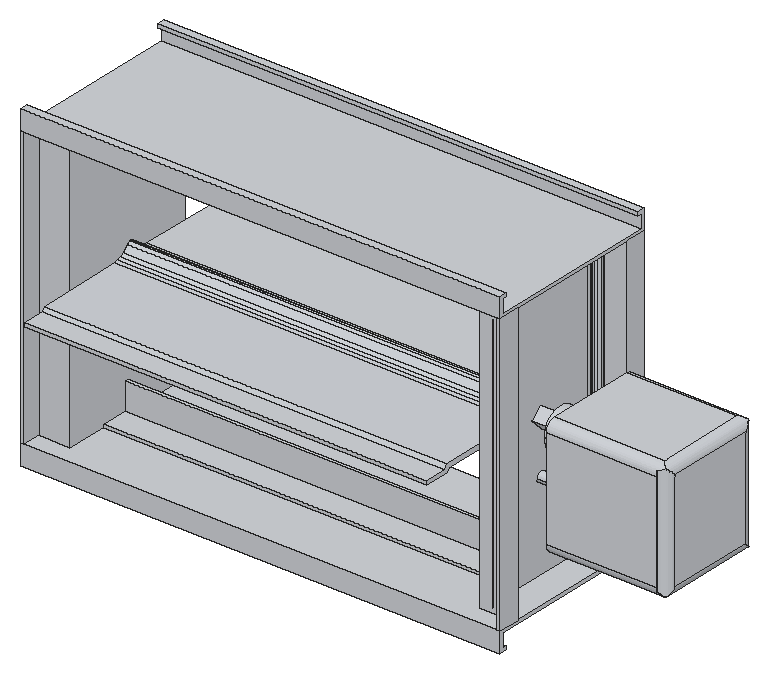
Revit family "CH-10", category Mechanical Equipment, Revit 2015
Parameters
  URL = "http://unitedenertech.com/catalog/pdf/G_2%20CH-10.pdf"
  Type Comments = "Max. Single Section Size is (24\"w x 12\"h)"
  Model = "CH-10"
  Manufacturer = "United Enertech Corporation"
  Keynote = "This model is only a representation of the product, blade position will vary from built dampers."
  Exact Width = 1' - 0"
  Exact Height = 0' - 8"
  Description = "Exhaust, O.A. Dampers"
  Blade Spacing = 0' - 6 1/4"
  BW [instance] = Exact Width - 0' 1 15/16"  # 0' - 10 1/16"
Reference planes (in)
  plane 1 "Center (Front/Back)": y = 0
  plane 2: z = 0
  plane 3 "Center (Left/Right)": x = 0
  plane 4: x = -6
  plane 5: x = 6
  plane 6: z = 8
  plane 7: z = 0.5
  plane 8: z = 7.5
  plane 9: x = -5.125
  plane 10: x = 5.125
  plane 11: z = 4
  plane 12: x = 6.455
  plane 13: z = 4.95446
Forms (in)
  Extrusion 1, solid
    sketch origin (-10.94563, 56.53311, 0) x (0, 1, 0) y (-1, 0, 0)
      loop
        line (-56.53311, -5.02563) -> (-56.07011, -5.02563) -> (-56.07011, -5.82063) -> (-52.49611, -5.82063) -> (-52.49611, -5.02563) -> (-52.03311, -5.02563) -> (-52.03311, -4.94563) -> (-52.57611, -4.94563) -> (-52.57611, -5.53484) -> (-52.61757, -5.48351) -> (-52.6794, -5.43952) -> (-52.75426, -5.41946) -> (-52.77072, -5.51067)
        arc (-52.77072, -5.51067) -> (-52.68095, -5.63288) -> (-52.81664, -5.56518) r 0.078
        line (-52.81664, -5.56518) -> (-52.90129, -5.5733) -> (-52.87778, -5.66104) -> (-52.8428, -5.70313) -> (-52.79089, -5.74063) -> (-55.76027, -5.74063) -> (-55.71053, -5.69088) -> (-55.67609, -5.63368) -> (-55.67078, -5.55421) -> (-55.75297, -5.55421)
        arc (-55.75297, -5.55421) -> (-55.87883, -5.63965) -> (-55.80226, -5.5082) r 0.078
        line (-55.80226, -5.5082) -> (-55.81534, -5.4232) -> (-55.90864, -5.4482) -> (-55.94901, -5.48396) -> (-55.99011, -5.54884) -> (-55.99011, -4.94563) -> (-56.53311, -4.94563) -> (-56.53311, -5.02563)
    from 0.5 to 7.5
  Extrusion 2, solid
    sketch origin (10.94563, 56.53311, 0) x (0, 1, 0) y (-1, 0, 0)
      loop
        line (-56.53311, 5.02563) -> (-56.53311, 4.94563) -> (-55.99011, 4.94563) -> (-55.99011, 5.54884) -> (-55.94901, 5.48396) -> (-55.90864, 5.4482) -> (-55.81534, 5.4232) -> (-55.80226, 5.5082)
        arc (-55.80226, 5.5082) -> (-55.87883, 5.63965) -> (-55.75297, 5.55421) r 0.078
        line (-55.75297, 5.55421) -> (-55.67078, 5.55421) -> (-55.67609, 5.63368) -> (-55.71053, 5.69088) -> (-55.76027, 5.74063) -> (-52.79089, 5.74063) -> (-52.8428, 5.70313) -> (-52.87778, 5.66104) -> (-52.90129, 5.5733) -> (-52.81664, 5.56518)
        arc (-52.81664, 5.56518) -> (-52.68095, 5.63288) -> (-52.77072, 5.51067) r 0.078
        line (-52.77072, 5.51067) -> (-52.75426, 5.41946) -> (-52.6794, 5.43952) -> (-52.61757, 5.48351) -> (-52.57611, 5.53484) -> (-52.57611, 4.94563) -> (-52.03311, 4.94563) -> (-52.03311, 5.02563) -> (-52.49611, 5.02563) -> (-52.49611, 5.82063) -> (-56.07011, 5.82063) -> (-56.07011, 5.02563) -> (-56.53311, 5.02563)
    from 0.5 to 7.5
  Extrusion 3, solid
    sketch origin (-23.46325, -52.03311, -12.20737) x (0, -1, 0) y (0, 0, 1)
      loop
        line (-56.34511, 12.28737) -> (-56.45311, 12.28737) -> (-56.45311, 12.62737) -> (-52.11311, 12.62737) -> (-52.11311, 12.28737) -> (-52.22111, 12.28737) -> (-52.22111, 12.20737) -> (-52.03311, 12.20737) -> (-52.03311, 12.70737) -> (-56.53311, 12.70737) -> (-56.53311, 12.20737) -> (-56.34511, 12.20737) -> (-56.34511, 12.28737)
    from -29.46325 to -17.46325
  Extrusion 4, solid
    sketch origin (-35.31788, -52.03311, 54.20737) x (0, -1, 0) y (0, 0, -1)
      loop
        line (-56.34511, 46.28737) -> (-56.45311, 46.28737) -> (-56.45311, 46.62737) -> (-52.11311, 46.62737) -> (-52.11311, 46.28737) -> (-52.22111, 46.28737) -> (-52.22111, 46.20737) -> (-52.03311, 46.20737) -> (-52.03311, 46.70737) -> (-56.53311, 46.70737) -> (-56.53311, 46.20737) -> (-56.34511, 46.20737) -> (-56.34511, 46.28737)
    from 29.31788 to 41.31788
  Extrusion 5, solid
    sketch origin (-54.80861, -46.85261, 19.59636) x (0, -1, 0) y (0, 0, -1)
      loop
        line (-49.18361, 12.59536) -> (-49.18361, 12.09636) -> (-48.43361, 12.09636) -> (-48.43361, 12.17636) -> (-49.10261, 12.17636) -> (-49.10261, 12.59536) -> (-49.18361, 12.59536)
    from 49.68361 to 59.93361
  Extrusion 6, solid
    sketch origin (0, 7.30319, -4.76393) x (0, 1, 0) y (0, 0, 1)
      loop
        line (-5.05319, 5.26393) -> (-5.05319, 6.0212) -> (-5.13572, 6.0212) -> (-5.13572, 5.34205) -> (-5.80319, 5.34205) -> (-5.80319, 5.26393) -> (-5.05319, 5.26393)
    from -5.125 to 5.125
Dimensions and locks (in)
  equal spacing: plane 4, plane 3 "Center (Left/Right)", plane 5
  "Exact Width": plane 4 to plane 5
  "Exact Height": plane 6 to level
  locked: plane 7 to level at 0.5
  locked: plane 6 to plane 8 at 0.5
  locked: plane 4 to plane 9 at 0.875
  locked: plane 10 to plane 5 at 0.875
  locked: plane 5 to plane 12 at 0.455
  equal spacing: plane 6, plane 11, level
  locked: plane 13 to plane 11 at 0.95446
  aligned and locked: level to plane 2
  aligned and locked: Extrusion 1 to plane 7
  aligned and locked: Extrusion 2 to plane 7
  aligned and locked: plane 5 to Extrusion 3
  aligned and locked: plane 4 to Extrusion 3
  aligned and locked: plane 6 to Extrusion 4
  aligned and locked: plane 5 to Extrusion 4
  aligned and locked: plane 4 to Extrusion 4
  aligned and locked: plane 8 to Extrusion 1
  aligned and locked: plane 8 to Extrusion 2
  aligned and locked: Extrusion 5 to Extrusion 4
  aligned and locked: plane 10 to Extrusion 5
  aligned and locked: Extrusion 5 to plane 9
  aligned and locked: plane 3 "Center (Left/Right)" to nested 1
  aligned and locked: plane 11 to nested 1  (x2)
  aligned and locked: plane 10 to Extrusion 6
  aligned and locked: Extrusion 6 to plane 9
  aligned and locked: nested 2 to plane 12
  aligned and locked: plane 13 to nested 2
Automatic sketch dimensions
  plane 1 "Center (Front/Back)" to Extrusion 1 sketch curve = 0' - 0"
  Extrusion 1 sketch curve to plane 9 = 0' - 0"
  Extrusion 1 sketch curve to plane 4 = 0' - 0"  (x2)
  Extrusion 1 sketch curve to plane 4 = 0' - 0.08"  (x2)
  Extrusion 1 sketch curve to plane 1 "Center (Front/Back)" = 0' - 0.463"
  Extrusion 1 sketch curve to Extrusion 1 sketch curve = 0' - 0.08"  (x2)
  Extrusion 1 sketch curve to Extrusion 1 sketch curve = 0' - 0.0411"
  Extrusion 1 sketch curve to Extrusion 1 sketch curve = 0' - 0.04037"
  Extrusion 1 sketch curve to Extrusion 1 sketch curve = 0' - 0.08303"
  Extrusion 1 sketch curve to Extrusion 1 sketch curve = 0' - 0.0933"
  Extrusion 1 sketch curve to plane 9 = 0' - 0.31242"
  Extrusion 1 sketch curve to Extrusion 1 sketch curve = 0' - 0.02335"
  Extrusion 1 sketch curve to plane 9 = 0' - 0.08"
  Extrusion 1 sketch curve to Extrusion 1 sketch curve = 0' - 0.06534"
  Extrusion 1 sketch curve to Extrusion 1 sketch curve = 0' - 0.04929"
  Extrusion 1 sketch curve to plane 9 = 0' - 0.12974"
  Extrusion 1 sketch curve to Extrusion 1 sketch curve = 0' - 0.04974"
  Extrusion 1 sketch curve to plane 9 = 0' - 0.18694"
  Extrusion 1 sketch curve to Extrusion 1 sketch curve = 0' - 0.03444"
  Extrusion 1 sketch curve to Extrusion 1 sketch curve = 0' - 0.00531"
  Extrusion 1 sketch curve to plane 9 = 0' - 0.24733"
  Extrusion 1 sketch curve to Extrusion 1 sketch curve = 0' - 2.76949"
  Extrusion 1 sketch curve to plane 9 = 0' - 0.15959"
  Extrusion 1 sketch curve to Extrusion 1 sketch curve = 0' - 0.02351"
  Extrusion 1 sketch curve to plane 9 = 0' - 0.11749"
  Extrusion 1 sketch curve to Extrusion 1 sketch curve = 0' - 0.03498"
  Extrusion 1 sketch curve to plane 9 = 0' - 0.25544"
  Extrusion 1 sketch curve to Extrusion 1 sketch curve = 0' - 0.08465"
  Extrusion 1 sketch curve to Extrusion 1 sketch curve = 0' - 0.05191"
  Extrusion 1 sketch curve to plane 9 = 0' - 0.30996"
  Extrusion 1 sketch curve to Extrusion 1 sketch curve = 0' - 0.04592"
  Extrusion 1 sketch curve to plane 9 = 0' - 0.40116"
  Extrusion 1 sketch curve to Extrusion 1 sketch curve = 0' - 0.01646"
  Extrusion 1 sketch curve to Extrusion 1 sketch curve = 0' - 0.03011"
  Extrusion 1 sketch curve to plane 9 = 0' - 0.3811"
  Extrusion 1 sketch curve to Extrusion 1 sketch curve = 0' - 0.07486"
  Extrusion 1 sketch curve to plane 9 = 0' - 0.33712"
  Extrusion 1 sketch curve to Extrusion 1 sketch curve = 0' - 0.06183"
  Extrusion 1 sketch curve to Extrusion 1 sketch curve = 0' - 0.04146"
  Extrusion 1 sketch curve to Extrusion 1 sketch curve = 0' - 0.463"
  Extrusion 1 sketch curve to Extrusion 1 sketch curve = 0' - 0.07442"
  Extrusion 1 sketch curve to Extrusion 1 sketch curve = 0' - 0.03378"
  Extrusion 1 sketch curve to Extrusion 1 sketch curve = 0' - 0.05133"
  Extrusion 1 sketch curve to Extrusion 1 sketch curve = 0' - 0.06488"
  Extrusion 1 sketch curve to Extrusion 1 sketch curve = 0' - 0.03576"
  Extrusion 1 sketch curve to Extrusion 1 sketch curve = 0' - 0.085"
  plane 1 "Center (Front/Back)" to Extrusion 2 sketch curve = 0' - 0"
  Extrusion 2 sketch curve to plane 10 = 0' - 0"
  Extrusion 2 sketch curve to plane 5 = 0' - 0"  (x2)
  plane 5 to Extrusion 2 sketch curve = 0' - 0.08"  (x2)
  Extrusion 2 sketch curve to Extrusion 2 sketch curve = 0' - 0.463"  (x2)
  Extrusion 2 sketch curve to Extrusion 2 sketch curve = 0' - 0.08"  (x2)
  Extrusion 2 sketch curve to Extrusion 2 sketch curve = 0' - 0.0411"
  Extrusion 2 sketch curve to Extrusion 2 sketch curve = 0' - 0.04037"
  Extrusion 2 sketch curve to Extrusion 2 sketch curve = 0' - 0.08303"
  Extrusion 2 sketch curve to Extrusion 2 sketch curve = 0' - 0.0933"
  Extrusion 2 sketch curve to plane 10 = 0' - 0.31242"
  Extrusion 2 sketch curve to Extrusion 2 sketch curve = 0' - 0.02335"
  Extrusion 2 sketch curve to plane 10 = 0' - 0.08"
  Extrusion 2 sketch curve to Extrusion 2 sketch curve = 0' - 0.06534"
  Extrusion 2 sketch curve to Extrusion 2 sketch curve = 0' - 0.04929"
  Extrusion 2 sketch curve to plane 10 = 0' - 0.12974"
  Extrusion 2 sketch curve to Extrusion 2 sketch curve = 0' - 0.04974"
  Extrusion 2 sketch curve to plane 10 = 0' - 0.18694"
  Extrusion 2 sketch curve to Extrusion 2 sketch curve = 0' - 0.03444"
  Extrusion 2 sketch curve to Extrusion 2 sketch curve = 0' - 0.00531"
  Extrusion 2 sketch curve to plane 10 = 0' - 0.24733"
  Extrusion 2 sketch curve to Extrusion 2 sketch curve = 0' - 2.76949"
  Extrusion 2 sketch curve to plane 10 = 0' - 0.15959"
  Extrusion 2 sketch curve to Extrusion 2 sketch curve = 0' - 0.02351"
  Extrusion 2 sketch curve to plane 10 = 0' - 0.11749"
  Extrusion 2 sketch curve to Extrusion 2 sketch curve = 0' - 0.03498"
  Extrusion 2 sketch curve to plane 10 = 0' - 0.25544"
  Extrusion 2 sketch curve to Extrusion 2 sketch curve = 0' - 0.08465"
  Extrusion 2 sketch curve to Extrusion 2 sketch curve = 0' - 0.05191"
  Extrusion 2 sketch curve to plane 10 = 0' - 0.30996"
  Extrusion 2 sketch curve to Extrusion 2 sketch curve = 0' - 0.04592"
  Extrusion 2 sketch curve to plane 10 = 0' - 0.40116"
  Extrusion 2 sketch curve to Extrusion 2 sketch curve = 0' - 0.01646"
  Extrusion 2 sketch curve to Extrusion 2 sketch curve = 0' - 0.07602"
  Extrusion 2 sketch curve to plane 10 = 0' - 0.3811"
  Extrusion 2 sketch curve to Extrusion 2 sketch curve = 0' - 0.07486"
  Extrusion 2 sketch curve to plane 10 = 0' - 0.33712"
  Extrusion 2 sketch curve to Extrusion 2 sketch curve = 0' - 0.06183"
  Extrusion 2 sketch curve to Extrusion 2 sketch curve = 0' - 0.04146"
  Extrusion 2 sketch curve to Extrusion 2 sketch curve = 0' - 0.07442"
  Extrusion 2 sketch curve to Extrusion 2 sketch curve = 0' - 0.03378"
  Extrusion 2 sketch curve to Extrusion 2 sketch curve = 0' - 0.05133"
  Extrusion 2 sketch curve to Extrusion 2 sketch curve = 0' - 0.06488"
  Extrusion 2 sketch curve to Extrusion 2 sketch curve = 0' - 0.03576"
  Extrusion 2 sketch curve to Extrusion 2 sketch curve = 0' - 0.085"
  Extrusion 3 sketch curve to level = 0' - 0"  (x2)
  Extrusion 3 sketch curve to plane 7 = 0' - 0"
  Extrusion 3 sketch curve to plane 1 "Center (Front/Back)" = 0' - 0"
  Extrusion 3 sketch curve to plane 1 "Center (Front/Back)" = 0' - 0.08"
  Extrusion 3 sketch curve to Extrusion 3 sketch curve = 0' - 0.108"  (x2)
  Extrusion 3 sketch curve to Extrusion 3 sketch curve = 0' - 4.124"
  Extrusion 3 sketch curve to plane 7 = 0' - 0.08"
  Extrusion 3 sketch curve to Extrusion 3 sketch curve = 0' - 0.08"
  level to Extrusion 3 sketch curve = 0' - 0.08"  (x2)
  plane 8 to Extrusion 4 sketch curve = 0' - 0"
  Extrusion 4 sketch curve to plane 6 = 0' - 0"  (x2)
  Extrusion 4 sketch curve to plane 1 "Center (Front/Back)" = 0' - 0"
  Extrusion 4 sketch curve to plane 1 "Center (Front/Back)" = 0' - 0.08"
  Extrusion 4 sketch curve to Extrusion 4 sketch curve = 0' - 0.108"  (x2)
  Extrusion 4 sketch curve to plane 6 = 0' - 0.08"  (x2)
  Extrusion 4 sketch curve to Extrusion 4 sketch curve = 0' - 4.124"
  Extrusion 4 sketch curve to Extrusion 4 sketch curve = 0' - 0.08"
  plane 8 to Extrusion 4 sketch curve = 0' - 0.08"
  plane 7 to Extrusion 5 sketch curve = 0' - 7"
  Extrusion 5 sketch curve to plane 1 "Center (Front/Back)" = 0' - 2.331"
  Extrusion 5 sketch curve to Extrusion 5 sketch curve = 0' - 0.081"
  Extrusion 5 sketch curve to Extrusion 5 sketch curve = 0' - 0.669"
  Extrusion 5 sketch curve to Extrusion 5 sketch curve = 0' - 0.08"
  Extrusion 5 sketch curve to Extrusion 5 sketch curve = 0' - 0.419"
  Extrusion 6 sketch curve to plane 1 "Center (Front/Back)" = 0' - 2.16746"
  Extrusion 6 sketch curve to Extrusion 6 sketch curve = 0' - 0.08254"
  Extrusion 6 sketch curve to Extrusion 6 sketch curve = 0' - 0 5/64"
  Extrusion 6 sketch curve to Extrusion 6 sketch curve = 0' - 0.67915"
  Extrusion 6 sketch curve to Extrusion 6 sketch curve = 0' - 0.66746"
  Extrusion 6 sketch curve to plane 7 = 0' - 0"
Nested families (in)
  nested 1: "CDBLADE" at (0, -2.64852, -1.94525), type "CDBLADE"
    with Blade Width 0' - 10 1/16"
  nested 2: "CH-10 Actuator" at (6.455, -14.38552, -1.02763), type "CH-10 Actuator"
Definition of nested family "CDBLADE"
  Parameters (values of type "CDBLADE")
    Blade Width = 2' - 0"
  Reference planes (in)
    plane 1 "Center (Front/Back)": y = 0
    plane 2: z = 0
    plane 3 "Center (Left/Right)": x = 0
    plane 4: x = -12
    plane 5: x = 12
    plane 6: x = 13
    plane 7: x = 10
    plane 8: x = -10
    plane 9: x = -13
  Forms (in)
    Extrusion 1, solid
      sketch origin (-4.01787, 39.3726, 0.84574) x (0, 1, 0) y (0, 0, 1)
        loop
          line (-34.73332, 5.15315) -> (-34.47458, 4.89351) -> (-34.21494, 5.15234) -> (-34.47408, 5.41148) -> (-34.73332, 5.15315)
      from 14.01787 to 17.01787
    Extrusion 2, solid
      sketch origin (-4.01787, -27.59093, -0.63909) x (0, -1, 0) y (0, 0, -1)
        loop
          line (-35.80383, -6.69185) -> (-35.80383, -6.77356) -> (-35.19434, -6.77356) -> (-35.13423, -6.68767) -> (-32.97747, -6.69982) -> (-32.83541, -6.72864) -> (-32.73109, -6.79397) -> (-32.56192, -6.96162) -> (-32.49539, -6.99587) -> (-32.43982, -6.98181) -> (-32.38723, -6.93174) -> (-32.25542, -6.79981) -> (-32.17789, -6.744) -> (-32.09104, -6.71015) -> (-31.98943, -6.69867) -> (-29.80199, -6.67883) -> (-29.73737, -6.58434) -> (-29.17594, -6.58434) -> (-29.17594, -6.49977) -> (-29.78569, -6.49977) -> (-29.84356, -6.5857) -> (-32.02043, -6.57341) -> (-32.24214, -6.52605) -> (-32.26394, -6.60365) -> (-32.23071, -6.63677) -> (-32.48945, -6.89631) -> (-32.74909, -6.63757) -> (-32.49035, -6.37794) -> (-32.41459, -6.45346) -> (-32.34512, -6.38399) -> (-32.42473, -6.30635) -> (-32.5126, -6.28231) -> (-32.57292, -6.32333) -> (-32.71384, -6.46424) -> (-32.7897, -6.52327) -> (-32.8836, -6.56221) -> (-32.98369, -6.5746) -> (-35.17817, -6.59456) -> (-35.24451, -6.69185) -> (-35.80383, -6.69185)
      from -7.98213 to 16.01787
    Extrusion 3, solid
      sketch origin (-13.76787, -29.57556, 0.84574) x (0, -1, 0) y (0, 0, -1)
        loop
          line (-34.73332, -5.15315) -> (-34.47408, -5.41148) -> (-34.21494, -5.15234) -> (-34.47458, -4.89351) -> (-34.73332, -5.15315)
      from 0.76787 to 3.76787
  Dimensions and locks (in)
    equal spacing: plane 4, plane 3 "Center (Left/Right)", plane 5
    "Blade Width": plane 4 to plane 5
    locked: plane 9 to plane 4 at 1
    locked: plane 4 to plane 8 at 2
    locked: plane 7 to plane 5 at 2
    locked: plane 5 to plane 6 at 1
    aligned and locked: level to plane 2
    aligned and locked: Extrusion 1 to plane 6
    aligned and locked: plane 7 to Extrusion 1
    aligned and locked: plane 9 to Extrusion 3
    aligned and locked: Extrusion 3 to plane 8
    aligned and locked: plane 5 to Extrusion 2
    aligned and locked: plane 4 to Extrusion 2
  Automatic sketch dimensions
    Extrusion 1 sketch curve to plane 1 "Center (Front/Back)" = 0' - 4.63929"
    Extrusion 1 sketch curve to Extrusion 1 sketch curve = 0' - 0.25873"
    Extrusion 1 sketch curve to Extrusion 1 sketch curve = 0' - 0.25923"
    Extrusion 1 sketch curve to Extrusion 1 sketch curve = 0' - 0.25914"
    level to Extrusion 1 sketch curve = 0' - 5.73925"
    Extrusion 1 sketch curve to Extrusion 1 sketch curve = 0' - 0.25883"
    Extrusion 1 sketch curve to Extrusion 1 sketch curve = 0' - 0.25964"
    Extrusion 2 sketch curve to plane 1 "Center (Front/Back)" = 0' - 8.2129"
    Extrusion 2 sketch curve to Extrusion 2 sketch curve = 0' - 0.55932"
    Extrusion 2 sketch curve to Extrusion 2 sketch curve = 0' - 0.05017"
    Extrusion 2 sketch curve to Extrusion 2 sketch curve = 0' - 0.06634"
    Extrusion 2 sketch curve to Extrusion 2 sketch curve = 0' - 0.04394"
    Extrusion 2 sketch curve to Extrusion 2 sketch curve = 0' - 2.15054"
    Extrusion 2 sketch curve to Extrusion 2 sketch curve = 0' - 0.00621"
    Extrusion 2 sketch curve to Extrusion 2 sketch curve = 0' - 0.10009"
    Extrusion 2 sketch curve to Extrusion 2 sketch curve = 0' - 0.14206"
    Extrusion 2 sketch curve to Extrusion 2 sketch curve = 0' - 0.0939"
    Extrusion 2 sketch curve to Extrusion 2 sketch curve = 0' - 0.04061"
    Extrusion 2 sketch curve to Extrusion 2 sketch curve = 0' - 0.10431"
    Extrusion 2 sketch curve to Extrusion 2 sketch curve = 0' - 0.07586"
    Extrusion 2 sketch curve to Extrusion 2 sketch curve = 0' - 0.14092"
    Extrusion 2 sketch curve to Extrusion 2 sketch curve = 0' - 0.16917"
    Extrusion 2 sketch curve to Extrusion 2 sketch curve = 0' - 0.06032"
    Extrusion 2 sketch curve to Extrusion 2 sketch curve = 0' - 0.06653"
    Extrusion 2 sketch curve to Extrusion 2 sketch curve = 0' - 0.02225"
    Extrusion 2 sketch curve to Extrusion 2 sketch curve = 0' - 0.07248"
    Extrusion 2 sketch curve to Extrusion 2 sketch curve = 0' - 0.05557"
    Extrusion 2 sketch curve to Extrusion 2 sketch curve = 0' - 0.08788"
    Extrusion 2 sketch curve to Extrusion 2 sketch curve = 0' - 0.07576"
    Extrusion 2 sketch curve to Extrusion 2 sketch curve = 0' - 0.0526"
    Extrusion 2 sketch curve to Extrusion 2 sketch curve = 0' - 0.06947"  (x2)
    Extrusion 2 sketch curve to Extrusion 2 sketch curve = 0' - 0.15066"
    Extrusion 2 sketch curve to Extrusion 2 sketch curve = 0' - 0.1318"
    Extrusion 2 sketch curve to Extrusion 2 sketch curve = 0' - 0.0218"
    Extrusion 2 sketch curve to Extrusion 2 sketch curve = 0' - 0.03322"
    Extrusion 2 sketch curve to Extrusion 2 sketch curve = 0' - 0.07753"
    Extrusion 2 sketch curve to Extrusion 2 sketch curve = 0' - 0.08685"
    Extrusion 2 sketch curve to Extrusion 2 sketch curve = 0' - 0.0706"
    Extrusion 2 sketch curve to Extrusion 2 sketch curve = 0' - 0.1016"
    Extrusion 2 sketch curve to Extrusion 2 sketch curve = 0' - 2.14587"
    Extrusion 2 sketch curve to Extrusion 2 sketch curve = 0' - 0.04157"
    Extrusion 2 sketch curve to Extrusion 2 sketch curve = 0' - 0.05787"
    Extrusion 2 sketch curve to Extrusion 2 sketch curve = 0' - 0.04833"
    Extrusion 2 sketch curve to Extrusion 2 sketch curve = 0' - 0.56142"
    level to Extrusion 2 sketch curve = 0' - 6.35678"
    Extrusion 2 sketch curve to Extrusion 2 sketch curve = 0' - 0.01406"
    Extrusion 2 sketch curve to Extrusion 2 sketch curve = 0' - 0.03425"
    Extrusion 2 sketch curve to Extrusion 2 sketch curve = 0' - 0.05007"
    Extrusion 2 sketch curve to Extrusion 2 sketch curve = 0' - 0.06531"
    Extrusion 2 sketch curve to Extrusion 2 sketch curve = 0' - 0.13193"
    Extrusion 2 sketch curve to Extrusion 2 sketch curve = 0' - 0.16765"
    Extrusion 2 sketch curve to Extrusion 2 sketch curve = 0' - 0.02041"
    Extrusion 2 sketch curve to Extrusion 2 sketch curve = 0' - 0.05581"
    Extrusion 2 sketch curve to Extrusion 2 sketch curve = 0' - 0.06533"
    Extrusion 2 sketch curve to Extrusion 2 sketch curve = 0' - 0.03385"
    Extrusion 2 sketch curve to Extrusion 2 sketch curve = 0' - 0.02882"
    Extrusion 2 sketch curve to Extrusion 2 sketch curve = 0' - 0.01149"
    Extrusion 2 sketch curve to Extrusion 2 sketch curve = 0' - 0.08171"
    Extrusion 2 sketch curve to Extrusion 2 sketch curve = 0' - 0.08589"
    Extrusion 2 sketch curve to Extrusion 2 sketch curve = 0' - 0.01983"
    Extrusion 2 sketch curve to Extrusion 2 sketch curve = 0' - 0.09106"
    Extrusion 2 sketch curve to Extrusion 2 sketch curve = 0' - 0.10723"
    Extrusion 2 sketch curve to Extrusion 2 sketch curve = 0' - 0.03312"
    Extrusion 2 sketch curve to Extrusion 2 sketch curve = 0' - 0.09311"
    Extrusion 2 sketch curve to Extrusion 2 sketch curve = 0' - 0.09314"
    Extrusion 2 sketch curve to Extrusion 2 sketch curve = 0' - 0.09449"
    Extrusion 2 sketch curve to Extrusion 2 sketch curve = 0' - 0.12522"
    Extrusion 2 sketch curve to Extrusion 2 sketch curve = 0' - 0.12526"
    Extrusion 2 sketch curve to Extrusion 2 sketch curve = 0' - 0.01239"
    Extrusion 2 sketch curve to Extrusion 2 sketch curve = 0' - 0.0776"
    Extrusion 2 sketch curve to Extrusion 2 sketch curve = 0' - 0.03894"
    Extrusion 2 sketch curve to Extrusion 2 sketch curve = 0' - 0.08457"
    Extrusion 2 sketch curve to Extrusion 2 sketch curve = 0' - 0.05902"
    Extrusion 2 sketch curve to Extrusion 2 sketch curve = 0' - 0.07552"
    Extrusion 2 sketch curve to Extrusion 2 sketch curve = 0' - 0.05461"
    Extrusion 2 sketch curve to Extrusion 2 sketch curve = 0' - 0.07159"
    Extrusion 2 sketch curve to Extrusion 2 sketch curve = 0' - 0.04101"
    Extrusion 3 sketch curve to plane 1 "Center (Front/Back)" = 0' - 5.15775"
    Extrusion 3 sketch curve to Extrusion 3 sketch curve = 0' - 0.25873"
    Extrusion 3 sketch curve to Extrusion 3 sketch curve = 0' - 0.25923"
    Extrusion 3 sketch curve to Extrusion 3 sketch curve = 0' - 0.25914"  (x2)
    level to Extrusion 3 sketch curve = 0' - 6.25722"
    Extrusion 3 sketch curve to Extrusion 3 sketch curve = 0' - 0.25833"
Definition of nested family "CH-10 Actuator"
  Reference planes (in)
    plane 1 "Center (Front/Back)": y = 0
    plane 2: z = 0
    plane 3 "Center (Left/Right)": x = 0
  Forms (in)
    Extrusion 1, solid
      sketch origin (0, 0, 0) x (0, 1, 0) y (0, 0, 1)
        loop
          arc (18.01994, 5.73209) -> (17.94672, 5.90887) -> (17.76994, 5.98209) r 0.25
          line (17.76994, 5.98209) -> (15.51994, 5.98209)
          arc (15.51994, 5.98209) -> (15.34317, 5.90887) -> (15.26994, 5.73209) r 0.25
          line (15.26994, 5.73209) -> (15.26994, 3.23209)
          arc (15.26994, 3.23209) -> (15.34317, 3.05531) -> (15.51994, 2.98209) r 0.25
          line (15.51994, 2.98209) -> (17.76994, 2.98209)
          arc (17.76994, 2.98209) -> (17.94672, 3.05531) -> (18.01994, 3.23209) r 0.25
          line (18.01994, 3.23209) -> (18.01994, 5.73209)
      from 0 to 3
    Extrusion 2, solid
      sketch origin (0, 0, 0) x (0, 1, 0) y (0, 0, 1)
        loop
          circle (16.64494, 4.98209) r 0.5
        loop
          circle (16.64494, 4.98209) r 0.25
      from 0 to -0.75
    Extrusion 3, solid
      sketch origin (0, 0, 0) x (0, 1, 0) y (0, 0, 1)
        loop
          circle (16.64494, 3.73209) r 0.125
      from 0 to -1.25
    Extrusion 4, void
      sketch origin (-4.56006, 0, 0) x (1, 0, 0) y (0, 1, 0)
        loop
          arc (7.31006, 17.99501) -> (7.48683, 17.92179) -> (7.56006, 17.74501) r 0.25
          line (7.56006, 17.74501) -> (8.56006, 17.74501) -> (8.56006, 18.99501) -> (7.31006, 18.99501) -> (7.31006, 17.99501)
      from 6.93254 to -1.25
    Extrusion 5, void
      sketch origin (-4.56006, 33.28989, 0) x (1, 0, 0) y (0, 1, 0)
        loop
          line (7.31006, -17.99501) -> (7.31006, -18.99501) -> (8.56006, -18.99501) -> (8.56006, -17.74501) -> (7.56006, -17.74501)
          arc (7.56006, -17.74501) -> (7.48683, -17.92179) -> (7.31006, -17.99501) r 0.25
      from 6.93254 to -1.25
    Extrusion 6, void
      sketch origin (-4.56006, 14.32271, -12.01292) x (1, 0, 0) y (0, 0, -1)
        loop
          line (7.31006, -17.99501) -> (7.31006, -18.99501) -> (8.56006, -18.99501) -> (8.56006, -17.74501) -> (7.56006, -17.74501)
          arc (7.56006, -17.74501) -> (7.48683, -17.92179) -> (7.31006, -17.99501) r 0.25
      from 6.93254 to -1.25
    Extrusion 7, void
      sketch origin (-4.56006, 14.32271, 20.9771) x (1, 0, 0) y (0, 0, -1)
        loop
          arc (7.31006, 17.99501) -> (7.48683, 17.92179) -> (7.56006, 17.74501) r 0.25
          line (7.56006, 17.74501) -> (8.56006, 17.74501) -> (8.56006, 18.99501) -> (7.31006, 18.99501) -> (7.31006, 17.99501)
      from 6.93254 to -1.25
  Cuts and joins
    Extrusion 4, Extrusion 5, Extrusion 6, Extrusion 7 cuts Extrusion 1
  Lines and regions (in)
    model lines
      curve 1: circle (0, 16.64494, 3.73209) r 0.125 normal (1, 0, 0)
  Dimensions and locks (in)
    aligned and locked: level to plane 2
